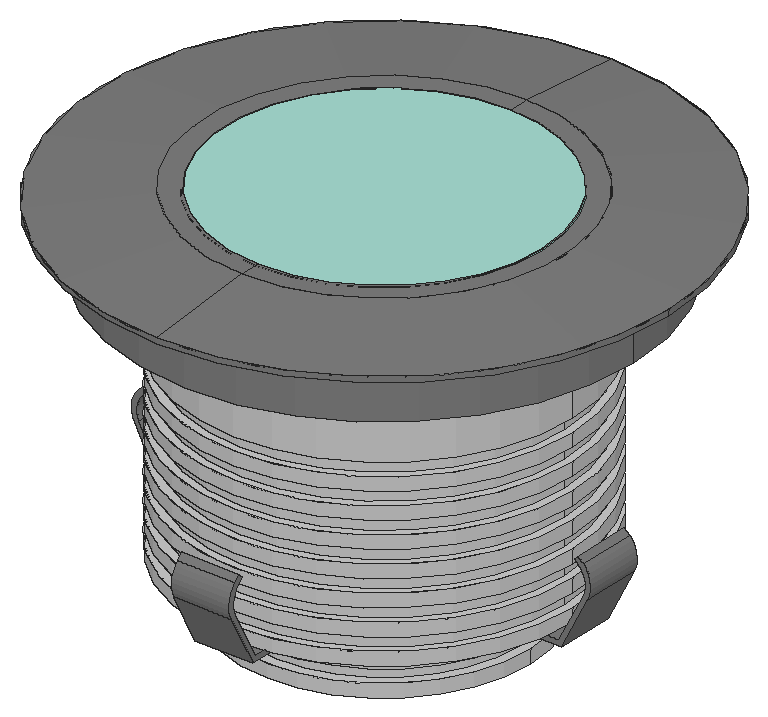
Revit family "Smoothy 5.4", category Lighting Fixtures, host Face, Revit 2017
Family settings
  Host = Face
  Round Connector Dimension = Use Diameter
  Part Type = Normal
  Cut with Voids When Loaded = Yes
  Light Source = Yes
  Shared = No
  Room Calculation Point = No
Parameters (values of type "Smoothy 5.4_D (3000K 13W 24Vdc)")
  Wiring = "-"
  Width mm = 109 mm
  Weight kg = "0.89"
  Wattage = 5.78961 W
  built-in parameter 1150110 = 1 (stored number, unit not read)
  Voltage = 24 V
  URL Accessories and power supply units = "https://www.lucelight.it/en/prodotto.php/107385#a-scheda-accessori"
  URL = "https://www.lucelight.it/en/prodotto.php/107385"
  built-in parameter 1114217 = 1 (stored number, unit not read)
  Tiltable = "-"
  Vertical Rotation [instance] = 0.00°
  URL Technical sheet = "https://www.lucelight.it/media/prodotti/st/ST_SMOOTHY_54.pdf"
  URL Image = "https://www.lucelight.it/media/prodotti/foto/smoothy_5.4_still.jpg"
  URL IES Photometric file = "https://www.lucelight.it/media/prodotti/fotometrie/smoothy_5.4_ies.zip"
  URL General code = "https://www.lucelight.it/en/prodotto.php/107385#a-generacodice"
  URL Description = "https://www.lucelight.it/en/capitolato.php/107385"
  URL DXF = "https://www.lucelight.it/media/prodotti/dxf/smoothy_5.4.dxf"
  URL Catalogue = "https://www.lucelight.it/media/prodotti/brochure/smoothy_5.4_brochure_en.pdf"
  Trim = L&L_Steel inox AISI 316L
  Tilt Angle = 90.00°
  built-in parameter 1150109 = 1 (stored number, unit not read)
  built-in parameter 1150134 = (empty or 0)
  built-in parameter 1150113 = 1 (stored number, unit not read)
  Radius Void = 50 mm
  Power supply unit = "not included"
  Power supply = "24Vdc"
  Power cables = "includes 1.5 m neoprene cable H05RN-F 2x0.75/0.75 Ø6.3 mm"
  Power = "13W (also available: 10W - ref. URL Technical sheet)"
  Photometric Web File = "SMOOTHY 5.4 D [3000K 13W 24Vdc].IES"
  Optics = "D"
  Notes = "version with 8º optics and 10W power available on request"
  No. and type of led = "1 high-power-density COB LED"
  Mounting = "recessed (ceiling, wall, ground)"
  Model = "Smoothy 5.4"
  Material = "body in anodized aluminium, trim in AISI 316L stainless steelscreen in tempered, transparent extra-clear glass (optics version) screen in sandblasted, tempered extra-clear glass (diffuse version)"
  Manufacturer = "L&L Luce&Light"
  built-in parameter 1150105 = 68.437 (stored number, unit not read)
  Lumens = 860 lm
  built-in parameter 1150115 = 1 (stored number, unit not read)
  Lumen output at source = "1115 lm (3000K, 10W, CRI 80); 900 lm (3000K, 10W, CRI 90); 1485 lm (3000K, 13W, CRI 80); 1200 lm (3000K, 13W, CRI 90)"
  built-in parameter 1150137 = (empty or 0)
  built-in parameter 1150139 = (empty or 0)
  Lens = L&L_Tempered extra-clear glass
  Length mm = 109 mm
  built-in parameter 1150112 = 1 (stored number, unit not read)
  built-in parameter 1150114 = 1 (stored number, unit not read)
  LED Colour = "3000K (also available: 2700K and 4000K - ref. URL Technical sheet)"
  built-in parameter 1150132 = 2
  built-in parameter 1150102 = (empty or 0)
  built-in parameter 1150107 = 3000 (stored number, unit not read)
  built-in parameter 1150138 = (empty or 0)
  built-in parameter 1150106 = 0.68437 (stored number, unit not read)
  IP = "67"
  Height mm = 72 mm
  Height Void = 67 mm
  Geometry = Smoothy5.4_mod : Smoothy5.4_mod
  Features = "16°x69° optics adjustable through 360º using the magnet provided"
  Energy efficiency class = "A A+ A++"
  Emit from Line Length = 609.6 mm
  built-in parameter 1150104 = 13.8 (stored number, unit not read)
  Dimming Lamp Color Temperature Shift = <None>
  Description = "recessed for outdoor applications"
  Delivered lumen output = "800 lm (3000K, 38°, 10W, CRI 80); 645 lm (3000K, 38°, 10W, CRI 90); 1065 lm (3000K, 38°, 13W, CRI 80); 860 lm (3000K, 38°, 13W, CRI 90)"
  Default Elevation = 1219.2 mm
  Cutout dimensions = "diam. 100 mm"
  Control system = "-"
  Contact = "T: +39 0444 360571; E: lucelight@lucelight.it"
  Company = "L&L Luce&Light"
  Color Filter = 16777215
  Code = "SY5400 I; SY5401 I"
  CRI = "90 (also available: CRI 80 - ref. URL Technical sheet)"
  Body = L&L_Anodized aluminium
  built-in parameter 1114218 = 1 (stored number, unit not read)
  built-in parameter 1150133 = 10 (stored number, unit not read)
  Apparent Load Phase 1 = 13 W
  Apparent Load = 0 VA
Types (7, lengths in mm): name | Photometric Web File | Optics
  Smoothy 5.4_D (3000K 13W 24Vdc) | "SMOOTHY 5.4 D [3000K 13W 24Vdc].IES" | "D"
  Smoothy 5.4_K 55° (3000K 13K 24Vdc) | "SMOOTHY 5.4 K55° [3000K 13W 24Vdc].IES" | "55°"
  Smoothy 5.4_L 38° (3000K 13W 24Vdc) | "SMOOTHY 5.4 L 38° [3000K 13W 24Vdc].IES" | "38°"
  Smoothy 5.4_M 21° (3000K 13W 24Vdc) | "SMOOTHY 5.4 M 21° [3000K 13W 24Vdc].IES" | "21°"
  Smoothy 5.4_P 48° (3000K 13W 24Vdc) | "SMOOTHY 5.4 P (48°) [3000K 13W 24Vdc].IES" | "48°"
  Smoothy 5.4_S 16° (3000K 13W 24Vdc) | "SMOOTHY 5.4 S 16° [3000K 13W 24Vdc].IES" | "16°"
  Smoothy 5.4_W 16°x69° (3000K 13W 24Vdc) | "SMOOTHY 5.4 W 16°x69° [3000K 13W 24Vdc].IES" | "16°x69°"
Reference planes
  plane 1 "Center (Front/Back)": y = 0
  plane 2: z = 0
  plane 3 "Center (Left/Right)": x = 0
  plane 4: z = -67
Forms (mm)
  Extrusion 1, void
    sketch origin (0, 0, 0) x (1, 0, 0) y (0, 1, 0)
      loop
        circle (0, 0) r 50
    from -67 to 0
Dimensions and locks
  "Height Void": plane 4 to plane 2
  "Radius Void": radius of Extrusion 1 sketch curve
  aligned and locked: plane 2 to host face
  aligned and locked: level to host face
  aligned and locked: Extrusion 1 to plane 4
  aligned and locked: plane 2 to Extrusion 1
Automatic sketch dimensions
  host sketch curve to host sketch curve = 2438.4 mm  (x2)
  plane 1 "Center (Front/Back)" to Extrusion 1 sketch curve = 0 mm
  Extrusion 1 sketch curve to plane 3 "Center (Left/Right)" = 0 mm
Nested families
  nested 1: "Smoothy5.4_mod" at (0, 0, 0), type <- "Geometry", type "Smoothy5.4_mod"
Connectors
  electrical at (0, 0, 0), driven by "Apparent Load Phase 1", driven by "Voltage"
    settings: index 1, voltage 24 V, apparent load 0 VA, apparent load phase1 13 VA, apparent load phase2 0 VA, apparent load phase3 0 VA, power factor 1, load classification "Lighting", number of poles 1, system type 31, power factor state 1, is connector primary yes, connector utility no, sub classification motor no, connector description ""
Definition of nested family "Smoothy5.4_mod"
  Parameters (values of type "Smoothy5.4_mod")
    Wing 5.4 = yes
    Trim = none
    Thickness small shape ring = 2.5 mm
    Thickness small ring = 1 mm
    Thickness shape ring = 35 mm
    Thickness ring medium view = 14.5 mm
    Thickness middle ring fine view = 10.5 mm
    Thickness Lower ring 1 = 12.5 mm
    Thickness = 3 mm
    Shaped ring 5.4 = yes
    Radius small ring = 38 mm
    Radius shaped 4 = 28 mm
    Radius shaped 3 = 26 mm
    Radius shaped 2 = 36.1 mm
    Radius shaped 1 = 34.5 mm
    Radius middle ring fine view = 47.8 mm
    Radius Void = 30.5 mm
    Radius Lower ring 1 = 36.1 mm
    Radius 2 = 36.1 mm
    Radius = 54.5 mm
    Lens = none
    Internal radius = 34.1 mm
    Height void = 26 mm
    Height = 72 mm
    Default Elevation = 1219.2 mm
    Body = none
  Reference planes
    plane 1 "Light Source Axis (F/B)": y = 0
    plane 2: z = 0
    plane 3 "Light Source Axis (L/R)": x = 0
    plane 4 "Light Source Elevation": z = 1500
    plane 5: z = -69
    plane 6: z = 3
    plane 7: z = -11.5
    plane 8: x = -17.25
    plane 9: x = 17.25
    plane 10: z = -59
    plane 11: z = 1
    plane 12: z = -10.5
    plane 13: x = -23.75
    plane 14: x = 23.75
    plane 15: z = -11.5
    plane 16: z = -24
    plane 17: z = -59
    plane 18: z = -23
    plane 19: z = -61.5
    plane 20: y = -15.8
  Forms (mm)
    Extrusion 1, solid, material <- "Body", detail levels coarse
      sketch origin (0, 0, 0) x (1, 0, 0) y (0, 1, 0)
        loop
          circle (0, 0) r 54.5
      from -69 to 3
    Extrusion 2, solid, material <- "Trim", detail levels medium
      sketch origin (0, 0, 0) x (1, 0, 0) y (0, 1, 0)
        loop
          circle (0, 0) r 54.5
        loop
          circle (0, 0) r 30.5
      from 3 to -11.5
    Extrusion 3, solid, material <- "Body", detail levels medium
      sketch origin (0, 0, 0) x (1, 0, 0) y (0, 1, 0)
        loop
          circle (0, 0) r 36.1
      from -11.5 to -69
    Extrusion 4, solid, material <- "Lens", detail levels medium
      sketch origin (0, 0, 0) x (1, 0, 0) y (0, 1, 0)
        loop
          circle (0, 0) r 30.5
      from 3 to 2
    Extrusion 5, solid, material <- "Trim", detail levels fine
      sketch origin (0, 0, 0) x (1, 0, 0) y (0, 1, 0)
        loop
          circle (0, 0) r 54.5
      from 0 to 1
    Extrusion 6, solid, material <- "Trim", detail levels fine
      sketch origin (0, 0, 0) x (1, 0, 0) y (0, 1, 0)
        loop
          circle (0, 0) r 47.8
      from 0 to -10.5
    Extrusion 7, solid, material <- "Trim", detail levels fine
      sketch origin (0, 0, 0) x (1, 0, 0) y (0, 1, 0)
        loop
          circle (0, 0) r 38
      from -10.5 to -11.5
    Extrusion 8, solid, material <- "Body", detail levels fine
      sketch origin (0, 0, 0) x (1, 0, 0) y (0, 1, 0)
        loop
          circle (0, 0) r 36.1
      from -11.5 to -24
    Extrusion 9, solid, not visible, detail levels fine
      sketch origin (0, 0, -13.641) x (1, 0, 0) y (0, 1, 0)
        loop
          circle (0, 0) r 36.1
      from -29.859 to -31.859
    Extrusion 10, solid, not visible, detail levels fine
      sketch origin (0, 0, -3.2) x (1, 0, 0) y (0, 1, 0)
        loop
          circle (0, 0) r 34.5
      from -26.677 to -43.726
    Extrusion 11, solid, not visible, detail levels fine
      sketch origin (0, 0, -13.641) x (1, 0, 0) y (0, 1, 0)
        loop
          circle (0, 0) r 36.1
      from -29.859 to -31.859
    Extrusion 12, solid, not visible, detail levels fine
      sketch origin (0, 0, -9.641) x (1, 0, 0) y (0, 1, 0)
        loop
          circle (0, 0) r 36.1
      from -29.859 to -31.859
    Extrusion 13, solid, not visible, detail levels fine
      sketch origin (0, 0, -5.641) x (1, 0, 0) y (0, 1, 0)
        loop
          circle (0, 0) r 36.1
      from -29.859 to -31.859
    Extrusion 14, solid, not visible, detail levels fine
      sketch origin (0, 0, -1.641) x (1, 0, 0) y (0, 1, 0)
        loop
          circle (0, 0) r 36.1
      from -29.859 to -31.859
    Extrusion 15, solid, not visible, detail levels fine
      sketch origin (0, 0, 2.677) x (1, 0, 0) y (0, 1, 0)
        loop
          circle (0, 0) r 34.5
      from -26.677 to -43.726
    Extrusion 16, solid, not visible, detail levels fine
      sketch origin (0, 0, -7.763) x (1, 0, 0) y (0, 1, 0)
        loop
          circle (0, 0) r 36.1
      from -29.859 to -31.859
    Extrusion 17, solid, not visible, detail levels fine
      sketch origin (0, 0, -3.763) x (1, 0, 0) y (0, 1, 0)
        loop
          circle (0, 0) r 36.1
      from -29.859 to -31.859
    Extrusion 18, solid, not visible, detail levels fine
      sketch origin (0, 0, 0.237) x (1, 0, 0) y (0, 1, 0)
        loop
          circle (0, 0) r 36.1
      from -29.859 to -31.859
    Extrusion 19, solid, not visible, detail levels fine
      sketch origin (0, 0, 4.237) x (1, 0, 0) y (0, 1, 0)
        loop
          circle (0, 0) r 36.1
      from -29.859 to -31.859
    Extrusion 20, solid, not visible, detail levels fine
      sketch origin (0, 0, 0) x (1, 0, 0) y (0, 1, 0)
        loop
          circle (0, 0) r 34.5
      from -26.3 to -56.6
    Extrusion 21, solid, not visible, detail levels fine
      sketch origin (0, 0, 0) x (1, 0, 0) y (0, 1, 0)
        loop
          circle (0, 0) r 36.1
      from -28.8 to -31.3
    Extrusion 22, solid, not visible, detail levels fine
      sketch origin (0, 0, 3.2) x (1, 0, 0) y (0, 1, 0)
        loop
          circle (0, 0) r 34.5
      from -26.3 to -56.6
    Extrusion 23, solid, not visible, detail levels fine
      sketch origin (0, 0, 0) x (1, 0, 0) y (0, 1, 0)
        loop
          circle (0, 0) r 36.1
      from -28.8 to -31.3
    Extrusion 24, solid, not visible, detail levels fine
      sketch origin (0, 0, -5) x (1, 0, 0) y (0, 1, 0)
        loop
          circle (0, 0) r 36.1
      from -28.8 to -31.3
    Extrusion 25, solid, not visible, detail levels fine
      sketch origin (0, 0, -10) x (1, 0, 0) y (0, 1, 0)
        loop
          circle (0, 0) r 36.1
      from -28.8 to -31.3
    Extrusion 26, solid, not visible, detail levels fine
      sketch origin (0, 0, -15) x (1, 0, 0) y (0, 1, 0)
        loop
          circle (0, 0) r 36.1
      from -28.8 to -31.3
    Extrusion 27, solid, not visible, detail levels fine
      sketch origin (0, 0, -20) x (1, 0, 0) y (0, 1, 0)
        loop
          circle (0, 0) r 36.1
      from -28.8 to -31.3
    Extrusion 28, solid, not visible, detail levels fine
      sketch origin (0, 0, -25) x (1, 0, 0) y (0, 1, 0)
        loop
          circle (0, 0) r 36.1
      from -28.8 to -31.3
    Extrusion 29, solid, not visible, detail levels fine
      sketch origin (0, 0, 3.2) x (1, 0, 0) y (0, 1, 0)
        loop
          circle (0, 0) r 36.1
      from -28.8 to -31.3
    Extrusion 30, solid, not visible, detail levels fine
      sketch origin (0, 0, -1.8) x (1, 0, 0) y (0, 1, 0)
        loop
          circle (0, 0) r 36.1
      from -28.8 to -31.3
    Extrusion 31, solid, not visible, detail levels fine
      sketch origin (0, 0, -6.8) x (1, 0, 0) y (0, 1, 0)
        loop
          circle (0, 0) r 36.1
      from -28.8 to -31.3
    Extrusion 32, solid, not visible, detail levels fine
      sketch origin (0, 0, -11.8) x (1, 0, 0) y (0, 1, 0)
        loop
          circle (0, 0) r 36.1
      from -28.8 to -31.3
    Extrusion 33, solid, not visible, detail levels fine
      sketch origin (0, 0, -16.8) x (1, 0, 0) y (0, 1, 0)
        loop
          circle (0, 0) r 36.1
      from -28.8 to -31.3
    Extrusion 34, solid, not visible, detail levels fine
      sketch origin (0, 0, -21.8) x (1, 0, 0) y (0, 1, 0)
        loop
          circle (0, 0) r 36.1
      from -28.8 to -31.3
    Extrusion 35, solid, material <- "Body", visible <- "Shaped ring 5.4", detail levels fine
      sketch origin (0, 0, 0) x (1, 0, 0) y (0, 1, 0)
        loop
          circle (0, 0) r 34.5
      from -24 to -59
    Extrusion 36, solid, material <- "Body", visible <- "Shaped ring 5.4", detail levels fine
      sketch origin (0, 0, -2.5) x (1, 0, 0) y (0, 1, 0)
        loop
          circle (0, 0) r 36.1
      from -24 to -26.5
    Extrusion 37, solid, material <- "Body", visible <- "Shaped ring 5.4", detail levels fine
      sketch origin (0, 0, -7.5) x (1, 0, 0) y (0, 1, 0)
        loop
          circle (0, 0) r 36.1
      from -24 to -26.5
    Extrusion 38, solid, material <- "Body", visible <- "Shaped ring 5.4", detail levels fine
      sketch origin (0, 0, -12.5) x (1, 0, 0) y (0, 1, 0)
        loop
          circle (0, 0) r 36.1
      from -24 to -26.5
    Extrusion 39, solid, material <- "Body", visible <- "Shaped ring 5.4", detail levels fine
      sketch origin (0, 0, -17.5) x (1, 0, 0) y (0, 1, 0)
        loop
          circle (0, 0) r 36.1
      from -24 to -26.5
    Extrusion 40, solid, material <- "Body", visible <- "Shaped ring 5.4", detail levels fine
      sketch origin (0, 0, -22.5) x (1, 0, 0) y (0, 1, 0)
        loop
          circle (0, 0) r 36.1
      from -24 to -26.5
    Extrusion 41, solid, material <- "Body", visible <- "Shaped ring 5.4", detail levels fine
      sketch origin (0, 0, -27.5) x (1, 0, 0) y (0, 1, 0)
        loop
          circle (0, 0) r 36.1
      from -24 to -26.5
    Extrusion 42, solid, material <- "Body", visible <- "Shaped ring 5.4", detail levels fine
      sketch origin (0, 0, -32.5) x (1, 0, 0) y (0, 1, 0)
        loop
          circle (0, 0) r 36.1
      from -24 to -26.5
    Extrusion 43, solid, material <- "Body", visible <- "Shaped ring 5.4", detail levels fine
      sketch origin (0, 0, -35) x (1, 0, 0) y (0, 1, 0)
        loop
          circle (0, 0) r 26
      from -24 to -34
    Extrusion 44, solid, material <- "Body", visible <- "Shaped ring 5.4", detail levels fine
      sketch origin (0, 0, -2.5) x (1, 0, 0) y (0, 1, 0)
        loop
          circle (0, 0) r 28
      from -59 to -61.5
    Extrusion 45, solid, material <- "Body", visible <- "Shaped ring 5.4", detail levels fine
      sketch origin (0, 0, -7.5) x (1, 0, 0) y (0, 1, 0)
        loop
          circle (0, 0) r 28
      from -59 to -61.5
    Extrusion 46, solid, not visible, detail levels fine
      sketch origin (0, 0, 0) x (1, 0, 0) y (0, 1, 0)
        loop
          circle (0, 0) r 34.5
      from -24 to -59
    Extrusion 47, solid, material <- "Lens", detail levels fine
      sketch origin (0, 0, 0) x (1, 0, 0) y (0, 1, 0)
        loop
          circle (0, -0.3) r 30.5
      from 3 to 1
    Revolve 48, solid, material <- "Trim"
      sketch origin (0, 0, 0) x (0, 1, 0) y (0, 0, 1)
        loop
          line (30.2, 3) -> (30.2, 1) -> (54.5, 1) -> (34.1, 3) -> (30.2, 3)
        axis (0, 3) -> (0, 1)
      angle from 0 to 360
  Dimensions and locks
    "Height": plane 5 to plane 6
    "Thickness": plane 6 to plane 2
    "Thickness ring medium view": plane 7 to plane 6
    locked: plane 5 to plane 10 at 10
    locked: Extrusion 4 to Extrusion 4 at 1
    locked: level to plane 11 at 1
    "Thickness middle ring fine view": plane 12 to plane 2
    "Thickness small ring": plane 15 to plane 12
    "Thickness Lower ring 1": plane 16 to plane 15
    "Thickness shape ring": plane 17 to plane 16
    equal spacing: group 2, group 3, group 4, group 5  (x3)
    equal spacing: group 7, group 8, group 9, group 10  (x3)
    "Height void": plane 18 to plane 6
    "Radius": radius of Extrusion 1 sketch curve
    "Radius": radius of Extrusion 2 sketch curve
    "Radius 2": radius of Extrusion 3 sketch curve
    "Radius Void": radius of Extrusion 4 sketch curve
    "Radius": radius of Extrusion 5 sketch curve
    "Radius middle ring fine view": radius of Extrusion 6 sketch curve
    "Radius small ring": radius of Extrusion 7 sketch curve
    "Radius Lower ring 1": radius of Extrusion 8 sketch curve
    "Radius shaped 2": radius of Extrusion 9 sketch curve
    "Radius shaped 1": radius of Extrusion 10 sketch curve
    "Radius shaped 2": radius of Extrusion 11 sketch curve
    "Radius shaped 2": radius of Extrusion 12 sketch curve
    "Radius shaped 2": radius of Extrusion 13 sketch curve
    "Radius shaped 2": radius of Extrusion 14 sketch curve
    "Radius shaped 1": radius of Extrusion 15 sketch curve
    "Radius shaped 2": radius of Extrusion 16 sketch curve
    "Radius shaped 2": radius of Extrusion 17 sketch curve
    "Radius shaped 2": radius of Extrusion 18 sketch curve
    "Radius shaped 2": radius of Extrusion 19 sketch curve
    "Radius shaped 1": radius of Extrusion 20 sketch curve
    "Radius shaped 2": radius of Extrusion 21 sketch curve
    "Radius shaped 1": radius of Extrusion 22 sketch curve
    "Radius shaped 2": radius of Extrusion 23 sketch curve
    "Radius shaped 2": radius of Extrusion 24 sketch curve
    "Radius shaped 2": radius of Extrusion 25 sketch curve
    "Radius shaped 2": radius of Extrusion 26 sketch curve
    "Radius shaped 2": radius of Extrusion 27 sketch curve
    "Radius shaped 2": radius of Extrusion 28 sketch curve
    "Radius shaped 2": radius of Extrusion 29 sketch curve
    "Radius shaped 2": radius of Extrusion 30 sketch curve
    "Radius shaped 2": radius of Extrusion 31 sketch curve
    "Radius shaped 2": radius of Extrusion 32 sketch curve
    "Radius shaped 2": radius of Extrusion 33 sketch curve
    "Radius shaped 2": radius of Extrusion 34 sketch curve
    "Radius shaped 1": radius of Extrusion 35 sketch curve
    "Radius shaped 2": radius of Extrusion 36 sketch curve
    "Radius shaped 2": radius of Extrusion 37 sketch curve
    "Radius shaped 2": radius of Extrusion 38 sketch curve
    "Radius shaped 2": radius of Extrusion 39 sketch curve
    "Radius shaped 2": radius of Extrusion 40 sketch curve
    "Radius shaped 2": radius of Extrusion 41 sketch curve
    "Radius shaped 2": radius of Extrusion 42 sketch curve
    "Radius shaped 3": radius of Extrusion 43 sketch curve
    "Radius shaped 4": radius of Extrusion 44 sketch curve
    "Radius shaped 4": radius of Extrusion 45 sketch curve
    "Radius shaped 1": radius of Extrusion 46 sketch curve
    "Radius Void": radius of Extrusion 47 sketch curve
    aligned and locked: level to plane 2
    aligned and locked: plane 6 to Extrusion 1
    aligned and locked: Extrusion 1 to plane 5
    aligned and locked: Extrusion 2 to plane 6
    aligned and locked: Extrusion 2 to plane 7
    aligned and locked: Extrusion 3 to plane 7
    aligned and locked: Extrusion 3 to plane 5
    aligned and locked: Extrusion 4 to plane 6
    aligned and locked: Extrusion 5 to plane 2
    aligned and locked: plane 11 to Extrusion 5
    aligned and locked: Extrusion 6 to plane 2
    aligned and locked: Extrusion 6 to plane 12
    aligned and locked: Extrusion 7 to plane 12
    aligned and locked: Extrusion 7 to plane 15
    aligned and locked: Extrusion 8 to plane 15
    aligned and locked: Extrusion 8 to plane 16
    aligned and locked: plane 16 to Extrusion 15
    aligned and locked: Extrusion 46 to plane 16
    aligned and locked: Extrusion 46 to plane 17
    aligned and locked: plane 17 to nested 15
    aligned and locked: Extrusion 47 to plane 6
    aligned and locked: Extrusion 47 to plane 11
  Automatic sketch dimensions
    Revolve 48 sketch curve to plane 1 "Light Source Axis (F/B)" = 0 mm
    Revolve 48 sketch curve to plane 6 = 0 mm
    Revolve 48 sketch curve to plane 11 = 0 mm
    Revolve 48 sketch curve to plane 1 "Light Source Axis (F/B)" = 30.2 mm
    Revolve 48 sketch curve to Revolve 48 sketch curve = 3.9 mm
    Revolve 48 sketch curve to Revolve 48 sketch curve = 20.4 mm
    Revolve 48 sketch curve to plane 7 = 5.63 mm
    plane 6 to Revolve 48 sketch curve = 23.093 mm
    plane 1 "Light Source Axis (F/B)" to Extrusion 1 sketch curve = 0 mm
    Extrusion 1 sketch curve to plane 3 "Light Source Axis (L/R)" = 0 mm
    Extrusion 2 sketch curve to Extrusion 2 sketch curve = 0 mm  (x6)
    plane 1 "Light Source Axis (F/B)" to Extrusion 2 sketch curve = 0 mm
    Extrusion 2 sketch curve to plane 3 "Light Source Axis (L/R)" = 0 mm
    Extrusion 2 sketch curve to plane 13 = 6.75 mm
    plane 1 "Light Source Axis (F/B)" to Extrusion 3 sketch curve = 0 mm
    Extrusion 3 sketch curve to plane 3 "Light Source Axis (L/R)" = 0 mm
    plane 1 "Light Source Axis (F/B)" to Extrusion 4 sketch curve = 0 mm
    Extrusion 4 sketch curve to plane 3 "Light Source Axis (L/R)" = 0 mm
    plane 1 "Light Source Axis (F/B)" to Extrusion 5 sketch curve = 0 mm
    Extrusion 5 sketch curve to plane 3 "Light Source Axis (L/R)" = 0 mm
    plane 1 "Light Source Axis (F/B)" to Extrusion 6 sketch curve = 0 mm
    Extrusion 6 sketch curve to plane 3 "Light Source Axis (L/R)" = 0 mm
    plane 1 "Light Source Axis (F/B)" to Extrusion 7 sketch curve = 0 mm
    Extrusion 7 sketch curve to plane 3 "Light Source Axis (L/R)" = 0 mm
    plane 1 "Light Source Axis (F/B)" to Extrusion 8 sketch curve = 0 mm
    Extrusion 8 sketch curve to plane 3 "Light Source Axis (L/R)" = 0 mm
    plane 1 "Light Source Axis (F/B)" to Extrusion 35 sketch curve = 0 mm
    Extrusion 35 sketch curve to plane 3 "Light Source Axis (L/R)" = 0 mm
    plane 1 "Light Source Axis (F/B)" to Extrusion 36 sketch curve = 0 mm
    Extrusion 36 sketch curve to plane 3 "Light Source Axis (L/R)" = 0 mm
    plane 1 "Light Source Axis (F/B)" to Extrusion 37 sketch curve = 0 mm
    Extrusion 37 sketch curve to plane 3 "Light Source Axis (L/R)" = 0 mm
    plane 1 "Light Source Axis (F/B)" to Extrusion 38 sketch curve = 0 mm
    Extrusion 38 sketch curve to plane 3 "Light Source Axis (L/R)" = 0 mm
    plane 1 "Light Source Axis (F/B)" to Extrusion 39 sketch curve = 0 mm
    Extrusion 39 sketch curve to plane 3 "Light Source Axis (L/R)" = 0 mm
    plane 1 "Light Source Axis (F/B)" to Extrusion 40 sketch curve = 0 mm
    Extrusion 40 sketch curve to plane 3 "Light Source Axis (L/R)" = 0 mm
    plane 1 "Light Source Axis (F/B)" to Extrusion 41 sketch curve = 0 mm
    Extrusion 41 sketch curve to plane 3 "Light Source Axis (L/R)" = 0 mm
    plane 1 "Light Source Axis (F/B)" to Extrusion 42 sketch curve = 0 mm
    Extrusion 42 sketch curve to plane 3 "Light Source Axis (L/R)" = 0 mm
    plane 1 "Light Source Axis (F/B)" to Extrusion 43 sketch curve = 0 mm
    Extrusion 43 sketch curve to plane 3 "Light Source Axis (L/R)" = 0 mm
    plane 1 "Light Source Axis (F/B)" to Extrusion 44 sketch curve = 0 mm
    Extrusion 44 sketch curve to plane 3 "Light Source Axis (L/R)" = 0 mm
    plane 1 "Light Source Axis (F/B)" to Extrusion 45 sketch curve = 0 mm
    Extrusion 45 sketch curve to plane 3 "Light Source Axis (L/R)" = 0 mm
    plane 1 "Light Source Axis (F/B)" to Extrusion 46 sketch curve = 0 mm
    Extrusion 46 sketch curve to plane 3 "Light Source Axis (L/R)" = 0 mm
    Extrusion 47 sketch curve to plane 3 "Light Source Axis (L/R)" = 0 mm
    plane 1 "Light Source Axis (F/B)" to Extrusion 47 sketch curve = 0.3 mm
  Nested families
    nested 1: "Smoothy_wing" at (-8.2, 0, -46.549), type "Smoothy_wing", not visible, detail levels fine
    nested 2: "Smoothy_wing" at (8.2, 0, -46.549) x (-1, 0, 0) z (0, 0, 1), type "Smoothy_wing", not visible, detail levels fine
    nested 3: "Smoothy_wing" at (21.382, 0, -56.5) x (-1, 0, 0) z (0, 0, 1), type "Smoothy_wing", not visible, detail levels fine
    nested 4: "Smoothy_wing" at (-21.382, 0, -56.5), type "Smoothy_wing", not visible, detail levels fine
    nested 5: "Smoothy_wing" at (-0.016, 30.088, -59) x (-0.0011, -1, 0) z (0, 0, 1), visible <- "Wing 5.4", type "Smoothy_wing", detail levels fine
    nested 6: "Smoothy_wing" at (-30.088, 0, -59) x (1, -0.0011, 0) z (0, 0, 1), visible <- "Wing 5.4", type "Smoothy_wing", detail levels fine
    nested 7: "Smoothy_wing" at (30.076, 0, -59) x (-1, 0.0011, 0) z (0, 0, 1), visible <- "Wing 5.4", type "Smoothy_wing", detail levels fine
    nested 8: "Smoothy_wing" at (0, -30.076, -59) x (0.0011, 1, 0) z (0, 0, 1), visible <- "Wing 5.4", type "Smoothy_wing", detail levels fine
    nested 9: "Smoothy_wing" at (-0.016, 30.088, -60) x (-0.0011, -1, 0) z (0, 0, 1), type "Smoothy_wing", not visible, detail levels fine
    nested 10: "Smoothy_wing" at (-30.088, 0, -60) x (1, -0.0011, 0) z (0, 0, 1), type "Smoothy_wing", not visible, detail levels fine
    nested 11: "Smoothy_wing" at (30.076, 0, -60) x (-1, 0.0011, 0) z (0, 0, 1), type "Smoothy_wing", not visible, detail levels fine
    nested 12: "Smoothy_wing" at (0, -30.076, -60) x (0.0011, 1, 0) z (0, 0, 1), type "Smoothy_wing", not visible, detail levels fine
    nested 13: "Smoothy_wing" at (-21.237, 0, -56.6), type "Smoothy_wing", not visible, detail levels fine
    nested 14: "Smoothy_wing" at (21.237, 0, -56.6) x (-1, 0, 0) z (0, 0, 1), type "Smoothy_wing", not visible, detail levels fine
    nested 15: "Family1" at (0, -8.05, -72.168), type "Family1", not visible, detail levels fine
    nested 16: "Family1" at (0, -15.35, -69.768), type "Family1", not visible, detail levels fine
    nested 17: "Family1" at (0, -0.922, -69.668), type "Family1", not visible, detail levels fine
    nested 18: "Family1" at (0, 0, -91.668), type "Family1", not visible, detail levels fine
  Definition of nested family "Smoothy_wing"
    Parameters (values of type "Smoothy_wing")
      Trim = none
      Default Elevation = 1219.2 mm
    Reference planes
      plane 1 "Light Source Axis (F/B)": y = 0
      plane 2: z = 0
      plane 3 "Light Source Axis (L/R)": x = 0
      plane 4 "Light Source Elevation": z = 1500
    Forms (mm)
      Extrusion 1, solid, material <- "Trim"
        sketch origin (81.397, 5.508, -204.885) x (1, 0, 0) y (0, 0, 1)
          loop
            arc (-93.894, 214.108) -> (-94.299, 216.563) -> (-93.174, 218.783) r 4
            line (-93.174, 218.783) -> (-92.184, 219.773) -> (-92.891, 220.48) -> (-93.882, 219.49)
            arc (-93.882, 219.49) -> (-95.288, 216.715) -> (-94.781, 213.646) r 5
            line (-94.781, 213.646) -> (-89.7, 203.885) -> (-81.397, 203.885) -> (-81.397, 204.885) -> (-89.093, 204.885) -> (-93.894, 214.108)
        from 0 to 11
      Blend 2, solid, material <- "Trim"
        base sketch origin (65.992, 6.052, -1) x (1, 0, 0) y (0, 1, 0)
          loop
            circle (-69.866, -6.044) r 3.6
        top sketch origin (65.992, 6.052, -1) x (1, 0, 0) y (0, 1, 0)
          loop
            circle (-69.866, -6.044) r 1.95
        from 0 to -1.8
    Dimensions and locks
      aligned and locked: level to plane 2
  Definition of nested family "Family1"
    Parameters (values of type "Family1")
      Default Elevation = 1219.2 mm
    Reference planes
      plane 1 "Light Source Axis (F/B)": y = 0
      plane 2: z = 0
      plane 3 "Light Source Axis (L/R)": x = 0
      plane 4 "Light Source Elevation": z = 1500
    Forms (mm)
      Extrusion 1, solid
        sketch origin (36.054, -14.716, 0) x (1, 0, 0) y (0, 1, 0)
          loop
            line (-36.054, 22.466) -> (-42.766, 18.591) -> (-42.766, 10.841) -> (-36.054, 6.966) -> (-29.343, 10.841) -> (-29.343, 18.591) -> (-36.054, 22.466)
        from 1.168 to 6.668
      Extrusion 2, solid
        sketch origin (36.054, -14.716, 0) x (1, 0, 0) y (0, 1, 0)
          loop
            circle (-36.054, 14.716) r 6
        from 6.668 to 9.668
      Extrusion 3, solid
        sketch origin (36.054, -14.716, 0) x (1, 0, 0) y (0, 1, 0)
          loop
            line (-36.054, 22.466) -> (-42.766, 18.591) -> (-42.766, 10.841) -> (-36.054, 6.966) -> (-29.343, 10.841) -> (-29.343, 18.591) -> (-36.054, 22.466)
        from 9.668 to 13.168
      Blend 4, solid
        base sketch origin (36.054, -14.716, 1.168) x (1, 0, 0) y (0, 1, 0)
          loop
            circle (-36.054, 14.716) r 6.7
        top sketch origin (36.054, -14.716, 1.168) x (1, 0, 0) y (0, 1, 0)
          loop
            circle (-36.054, 14.716) r 3.5
        from 0 to -4
      Extrusion 5, solid, not visible
        sketch origin (30, 0, 0) x (1, 0, 0) y (0, 1, 0)
          loop
            line (-36.054, 22.466) -> (-42.766, 18.591) -> (-42.766, 10.841) -> (-36.054, 6.966) -> (-29.343, 10.841) -> (-29.343, 18.591) -> (-36.054, 22.466)
        from 1.168 to 6.668
      Extrusion 6, solid, not visible
        sketch origin (30, 0, 0) x (1, 0, 0) y (0, 1, 0)
          loop
            circle (-36.054, 14.716) r 6
        from 6.668 to 9.668
      Extrusion 7, solid, not visible
        sketch origin (30, 0, 0) x (1, 0, 0) y (0, 1, 0)
          loop
            line (-36.054, 22.466) -> (-42.766, 18.591) -> (-42.766, 10.841) -> (-36.054, 6.966) -> (-29.343, 10.841) -> (-29.343, 18.591) -> (-36.054, 22.466)
        from 9.668 to 13.168
      Blend 8, solid, not visible
        base sketch origin (30, 0, 1.168) x (1, 0, 0) y (0, 1, 0)
          loop
            circle (-36.054, 14.716) r 6.7
        top sketch origin (30, 0, 1.168) x (1, 0, 0) y (0, 1, 0)
          loop
            circle (-36.054, 14.716) r 3.5
        from 0 to -4
    Dimensions and locks
      aligned and locked: level to plane 2
